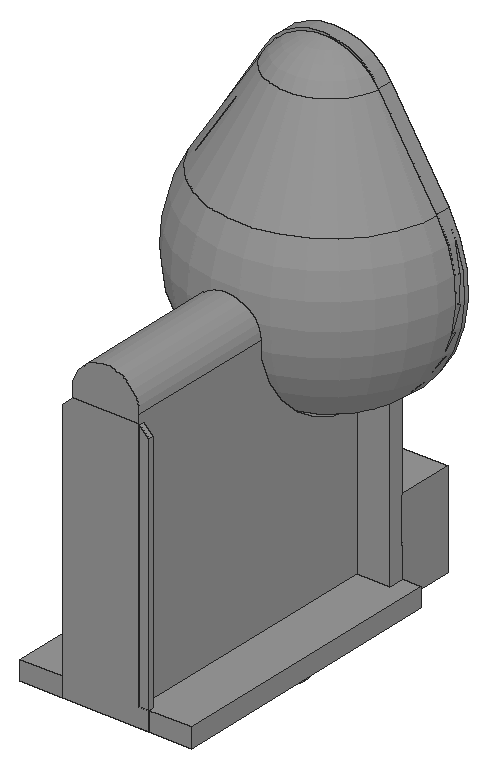
Revit family "Toilet-Willoughby-1490-ETW-FM-BS", category Plumbing Fixtures, host Face, Revit 2014
Parameters (values of type "Standard")
  Waste DIA = 2 1/2"
  Waste Connection = yes
  W-RAD [instance] = Waste DIA / 2  # 0' - 1 1/4"
  Vent Connection = no
  URL = "www.willoughby-ind.com"
  Type Comments = "Blow Out Flush"
  Revision = "A"
  Model = "ETW-1490-FM-BS"
  Manufacturer = "Willoughby Industries"
  HW Connection = no
  Flush inlet DIA = 1 1/2"
  Flush Inlet Connection = yes
  Fixture Body = Stainless Steel AISI 304-Willoughby
  F-RAD [instance] = Flush inlet DIA / 2  # 0' - 0 3/4"
  Description = "Floor Mounted Toilet"
  Default Elevation = 0' - 0"
  Contact Number = "(800) 428-4065"
  CW Connection = no
Reference planes (in)
  plane 1 "Base": y = -16.25
  plane 2: z = 0
  plane 3 "Center": x = 18.31072
  plane 4 "Waste height": y = -4.75
  plane 5: y = -1.25
  plane 6: z = -6.75
  plane 7: y = -2.125
  plane 8: y = -14.0625
  plane 9: y = 0.5
  plane 10: x = 16.56072
  plane 11: x = 20.06072
  plane 12: x = 11.56072
  plane 13: x = 25.06072
Forms (in)
  Extrusion 1, solid, material "Stainless Steel AISI 304-Willoughby" <- "Fixture Body"
    sketch origin (16.08109, 7.47968, -7.1422) x (-1, 0, 0) y (0, 0, -1)
      loop
        line (1.29775, -16.80087) -> (1.29775, -7.1422) -> (-5.72963, -7.1422) -> (-5.72963, -16.81676)
        arc (-5.72963, -16.81676) -> (-8.98136, -21.11843) -> (-8.21015, -26.45542) r 7
        line (-8.21015, -26.45542) -> (-5.16818, -31.31054)
        arc (-5.16818, -31.31054) -> (-2.20225, -32.95225) -> (0.76368, -31.31054) r 3.5
        line (0.76368, -31.31054) -> (3.80565, -26.45542)
        arc (3.80565, -26.45542) -> (4.5729, -21.10311) -> (1.29775, -16.80087) r 7
      loop
        arc (2.03989, -24.70557) -> (-2.20225, -18.23804) -> (-6.44438, -24.70557) r 4.625
        line (-6.44438, -24.70557) -> (-4.04125, -30.23842)
        arc (-4.04125, -30.23842) -> (-2.20225, -31.45225) -> (-0.36324, -30.23842) r 2
        line (-0.36324, -30.23842) -> (2.03989, -24.70557)
    from 8.72968 to 9.5
  Revolve 2, solid, material "Stainless Steel AISI 304-Willoughby" <- "Fixture Body"
    sketch origin (19.37246, -1.52032, -3.93826) x (-1, 0, 0) y (0, 0, -1)
      loop
        line (1.06174, -12.59906) -> (1.06174, -12.84906)
        arc (1.06174, -12.84906) -> (6.96784, -16.33096) -> (6.78077, -23.18447) r 6.75
        line (6.78077, -23.18447) -> (3.81535, -27.91457)
        arc (3.81535, -27.91457) -> (2.63527, -29.03194) -> (1.06174, -29.43826) r 3.25
        line (1.06174, -29.43826) -> (1.06174, -29.68826)
        arc (1.06174, -29.68826) -> (2.75672, -29.25045) -> (4.02767, -28.04656) r 3.5
        line (4.02767, -28.04656) -> (7.06964, -23.19143)
        arc (7.06964, -23.19143) -> (7.15052, -16.14555) -> (1.06174, -12.59906) r 7
      axis (1.06174, -12.59906) -> (1.06174, -29.68826)
    angle from 0 to -180
  Extrusion 3, solid, material "Stainless Steel AISI 304-Willoughby" <- "Fixture Body"
    sketch origin (19.53334, -3.02032, -4.9508) x (0, 1, 0) y (0, 0, 1)
      loop
        line (-5.27082, 4.9508) -> (1, 4.9508) -> (1, 13.76086)
        arc (1, 13.76086) -> (-2.93256, 15.26109) -> (-5.27082, 18.76086) r 6.92744
        line (-5.27082, 18.76086) -> (-5.27082, 4.9508)
    from 0.52738 to -2.97262
  Extrusion 4, solid, material "Stainless Steel AISI 304-Willoughby" <- "Fixture Body"
    sketch origin (0, 14.59309, -3) x (1, 0, 0) y (0, 1, 0)
      loop
        circle (18.31072, -19.34309) r 1.25
    from 5.5 to 0
  Extrusion 5, solid, material "Stainless Steel AISI 304-Willoughby" <- "Fixture Body"
    sketch origin (18.31072, 0, -1) x (0, 1, 0) y (0, 0, 1)
      loop
        line (-1.25, 1) -> (1.75, 1) -> (1.75, 6) -> (-1.25, 6) -> (-1.25, 1)
    from -3.52738 to 3.5
  Extrusion 6, solid, material "Stainless Steel AISI 304-Willoughby" <- "Fixture Body"
    sketch origin (0, 0, 0) x (1, 0, 0) y (0, 1, 0)
      loop
        circle (18.31072, 0.5) r 0.75
    from 0 to 1
  Extrusion 7, solid, material "Stainless Steel AISI 304-Willoughby" <- "Fixture Body"
    sketch origin (0, -16.25, 0) x (1, 0, 0) y (0, 0, 1)
      loop
        line (22.81072, 0) -> (22.81072, 1) -> (13.81072, 1) -> (13.81072, 0) -> (22.81072, 0)
    from -15 to 0
  Extrusion 8, solid, material "Stainless Steel AISI 304-Willoughby" <- "Fixture Body"
    sketch origin (0, -16.25, 0) x (1, 0, 0) y (0, 0, 1)
      loop
        line (20.06072, 0) -> (20.06072, 14.68252)
        arc (20.06072, 14.68252) -> (18.31072, 16.43252) -> (16.56072, 14.68252) r 1.75
        line (16.56072, 14.68252) -> (16.56072, 0) -> (20.06072, 0)
    from 0 to -7.95886
  Extrusion 9, solid, material "Stainless Steel AISI 304-Willoughby" <- "Fixture Body"
    sketch origin (0, -16.25, 0) x (1, 0, 0) y (0, 0, 1)
      loop
        line (20.06072, 0) -> (20.56072, 0) -> (20.56072, 13.75) -> (20.06072, 14.25) -> (16.56072, 14.25) -> (16.06072, 13.75) -> (16.06072, 0) -> (16.56072, 0) -> (20.06072, 0)
    from 0 to -0.25
Cuts and joins
  joined: Extrusion 3, Extrusion 5, Extrusion 7, Extrusion 8
Lines and regions (in)
  symbolic lines
    curve 1: line (13.81072, -16.25, 0) -> (13.81072, -1.25, 0)
    curve 2: line (22.81072, -16.25, 0) -> (22.81072, -1.25, 0)
    curve 3: line (13.81072, -16.25, 0) -> (22.81072, -16.25, 0)
    curve 4: line (11.28334, -2.02032, 0) -> (11.28334, -1.25, 0)
    curve 5: line (11.28334, -1.25, 0) -> (25.28334, -1.25, 0)
    curve 6: line (25.28334, -1.25, 0) -> (25.28334, -2.02032, 0)
    curve 7: line (14.78334, -1.25, 0) -> (14.78334, 1.75, 0)
    curve 8: line (14.78334, 1.75, 0) -> (21.81072, 1.75, 0)
    curve 9: line (21.81072, 1.75, 0) -> (21.81072, -1.25, 0)
    curve 10: arc (25.28334, -2.02032, 0) -> (23.08185, -6.64916, 0) -> (18.31072, -8.52239, 0) r 6.97293
    curve 11: arc (18.31072, -8.52239, 0) -> (13.52793, -6.64299, 0) -> (11.28334, -2.02032, 0) r 7.06571
    curve 12: line (16.56072, -8.2982, 0) -> (16.56072, -16.25, 0)
    curve 13: line (20.06072, -16.25, 0) -> (20.06072, -8.30327, 0)
    curve 18: line (13.81072, -16.25, 0) -> (22.81072, -16.25, 0)
    curve 19: line (22.81072, -16.25, 0) -> (22.81072, -16.25, 1)
    curve 20: line (22.81072, -16.25, 1) -> (21.81072, -16.25, 1)
    curve 21: line (21.81072, -16.25, 0) -> (21.81072, -16.25, 9.67456)
    curve 22: line (14.78334, -16.25, 0) -> (14.78334, -16.25, 9.65867)
    curve 23: line (14.78334, -16.25, 1) -> (13.81072, -16.25, 1)
    curve 24: line (13.81072, -16.25, 1) -> (13.81072, -16.25, 0)
    curve 25: line (21.81072, -16.25, 5) -> (14.78334, -16.25, 5)
    curve 26: arc (21.81072, -16.25, 9.67456) -> (25.06245, -16.25, 13.97624) -> (24.29124, -16.25, 19.31322) r 7
    curve 27: line (24.29124, -16.25, 19.31322) -> (21.24927, -16.25, 24.16835)
    curve 28: arc (21.24927, -16.25, 24.16835) -> (19.98923, -16.25, 25.34792) -> (18.31072, -16.25, 25.75) r 3.37397
    curve 29: arc (18.31072, -16.25, 25.75) -> (16.62783, -16.25, 25.31163) -> (15.31741, -16.25, 24.16835) r 3.79331
    curve 30: line (15.31741, -16.25, 24.16835) -> (12.35249, -16.25, 19.43905)
    curve 31: arc (12.35249, -16.25, 19.43905) -> (11.49002, -16.25, 14.03241) -> (14.78334, -16.25, 9.65867) r 7
    curve 37: line (18.31072, -8.45513, 16.43593) -> (18.31072, -16.25, 16.43593)
    curve 38: line (18.31072, -16.25, 16.43593) -> (18.31072, -16.25, 0)
    curve 39: line (18.31072, -16.25, 0) -> (18.31072, 1.75, 0)
    curve 40: line (18.31072, 1.75, 0) -> (18.31072, 1.75, 5)
    curve 41: line (18.31072, 1.75, 5) -> (18.31072, -1.25, 5)
    curve 42: line (18.31072, -1.25, 5) -> (18.31072, -1.25, 25.81005)
    curve 43: line (18.31072, -1.25, 25.81005) -> (18.31072, -2.02032, 25.81005)
    curve 44: arc (18.31072, -2.02032, 25.81005) -> (18.31072, -3.17426, 25.3587) -> (18.31072, -4.14211, 24.58504) r 4.1253
    curve 45: line (18.31072, -4.14211, 24.58504) -> (18.31072, -7.52822, 19.25317)
    curve 46: arc (18.31072, -7.52822, 19.25317) -> (18.31072, -8.16721, 17.9023) -> (18.31072, -8.45513, 16.43593) r 6.04234
    curve 47: arc (18.31072, -8.45513, 16.43593) -> (18.31072, -8.2983, 15.12766) -> (18.31072, -8.29114, 13.81005) r 11.57712
    curve 48: arc (18.31072, -8.29114, 13.81005) -> (18.31072, -5.95289, 10.31029) -> (18.31072, -2.02032, 8.81005) r 6.92744
    curve 49: line (18.31072, -1.25, 9.65867) -> (18.31072, -2.02032, 9.65867)
    curve 50: line (18.31072, -2.02032, 9.65867) -> (18.31072, -2.02032, 1)
    curve 51: line (18.31072, -2.02032, 1) -> (18.31072, -16.25, 1)
  symbolic lines, detail levels medium+fine
    curve 14: line (20.06072, -16, 0) -> (20.56072, -16, 0)
    curve 15: line (20.56072, -16, 0) -> (20.56072, -16.25, 0)
    curve 16: line (16.56072, -16, 0) -> (16.06072, -16, 0)
    curve 17: line (16.06072, -16, 0) -> (16.06072, -16.25, 0)
  symbolic lines, detail levels fine
    curve 32: arc (14.0412, -16.25, 17.56337) -> (18.28334, -16.25, 11.09585) -> (22.52547, -16.25, 17.56337) r 4.625
    curve 33: line (22.52547, -16.25, 17.56337) -> (20.12234, -16.25, 23.09622)
    curve 34: arc (20.12234, -16.25, 23.09622) -> (19.38317, -16.25, 23.97635) -> (18.28334, -16.25, 24.31005) r 2.01767
    curve 35: arc (18.28334, -16.25, 24.31005) -> (17.17969, -16.25, 23.98213) -> (16.44433, -16.25, 23.09622) r 1.9827
    curve 36: line (16.44433, -16.25, 23.09622) -> (14.0412, -16.25, 17.56337)
Dimensions and locks (in)
  locked: plane 1 "Base" to plane 4 "Waste height" at 11.5
  locked: plane 1 "Base" to plane 5 at 15
  locked: plane 1 "Base" to plane 9 at 16.75
  locked: cut or joined group of Extrusion 3, Extrusion 5, Extrusion 7, Extrusion 8 to cut or joined group of Extrusion 3, Extrusion 5, Extrusion 7, Extrusion 8 at 9
  "W-RAD": radius of Extrusion 4 sketch curve
  "F-RAD": radius of Extrusion 6 sketch curve
  aligned and locked: plane 2 to host face
  aligned and locked: level to host face
  aligned and locked: plane 3 "Center" to Extrusion 4 sketch curve
  aligned and locked: plane 4 "Waste height" to Extrusion 4 sketch curve
  aligned and locked: plane 9 to Extrusion 6 sketch curve
  aligned and locked: plane 3 "Center" to Extrusion 6 sketch curve
  aligned and locked: cut or joined group of Extrusion 3, Extrusion 5, Extrusion 7, Extrusion 8 to Extrusion 1
Automatic sketch dimensions
  host sketch curve to host sketch curve = 3' - 1.13155"
  host sketch curve to host sketch curve = 2' - 10.84193"
  Extrusion 1 sketch curve to Extrusion 1 sketch curve = 0' - 0"  (x8)
  Extrusion 1 sketch curve to level = 0' - 0"
  plane 3 "Center" to Extrusion 1 sketch curve = 0' - 5.98052"
  Extrusion 1 sketch curve to Extrusion 1 sketch curve = 0' - 1.76576"  (x2)
  plane 3 "Center" to Extrusion 1 sketch curve = 0' - 3 1/2"
  plane 3 "Center" to Extrusion 1 sketch curve = 0' - 2.93855"
  Extrusion 1 sketch curve to Extrusion 1 sketch curve = 0' - 1.12693"  (x2)
  Extrusion 1 sketch curve to plane 3 "Center" = 0' - 0.02738"  (x2)
  Extrusion 1 sketch curve to plane 3 "Center" = 0' - 1.86639"
  Extrusion 1 sketch curve to plane 3 "Center" = 0' - 3.52738"
  Extrusion 1 sketch curve to plane 3 "Center" = 0' - 4 69/256"
  Extrusion 1 sketch curve to Extrusion 1 sketch curve = 0' - 9.65867"
  Extrusion 1 sketch curve to Extrusion 1 sketch curve = 0' - 0.01589"
  Extrusion 1 sketch curve to Extrusion 1 sketch curve = 0' - 6.06218"
  Extrusion 1 sketch curve to Extrusion 1 sketch curve = 0' - 1.74985"
  Extrusion 1 sketch curve to Extrusion 1 sketch curve = 0' - 4.74668"
  Extrusion 1 sketch curve to Extrusion 1 sketch curve = 0' - 0.78617"
  Extrusion 1 sketch curve to Extrusion 1 sketch curve = 0' - 1.07212"
  Revolve 2 sketch curve to Revolve 2 sketch curve = 0' - 0"  (x2)
  Revolve 2 sketch curve to plane 3 "Center" = 0' - 0"  (x3)
  plane 3 "Center" to Revolve 2 sketch curve = 0' - 0"
  Revolve 2 sketch curve to plane 3 "Center" = 0' - 2.75361"
  Revolve 2 sketch curve to Revolve 2 sketch curve = 0' - 0.21232"
  Revolve 2 sketch curve to Revolve 2 sketch curve = 0' - 2.96542"
  Revolve 2 sketch curve to Revolve 2 sketch curve = 0' - 0.28887"
  level to Revolve 2 sketch curve = 2' - 1 3/4"
  Revolve 2 sketch curve to Revolve 2 sketch curve = 0' - 0 1/4"
  Revolve 2 sketch curve to Revolve 2 sketch curve = 0' - 1.3917"
  Revolve 2 sketch curve to Revolve 2 sketch curve = 0' - 0.13199"
  Revolve 2 sketch curve to Revolve 2 sketch curve = 0' - 4.85513"
  Revolve 2 sketch curve to Revolve 2 sketch curve = 0' - 0.00696"
  Revolve 2 sketch curve to Revolve 2 sketch curve = 0' - 3 1/4"
  Revolve 2 sketch curve to Revolve 2 sketch curve = 0' - 3.3392"
  Revolve 2 sketch curve to Revolve 2 sketch curve = 0' - 2.4108"
  Extrusion 3 sketch curve to level = 0' - 0"
  plane 4 "Waste height" to Extrusion 3 sketch curve = 0' - 3.54114"
  plane 7 to Extrusion 3 sketch curve = 0' - 0.10468"
  plane 5 to Extrusion 3 sketch curve = 0' - 0.38413"
  Extrusion 3 sketch curve to Extrusion 3 sketch curve = 0' - 8.81005"
  Extrusion 3 sketch curve to Extrusion 3 sketch curve = 0' - 5"
  Extrusion 5 sketch curve to level = 0' - 0"
  Extrusion 5 sketch curve to plane 5 = 0' - 0"
  Extrusion 5 sketch curve to plane 9 = 0' - 1 1/4"
  level to Extrusion 5 sketch curve = 0' - 5"
  Extrusion 7 sketch curve to level = 0' - 0"
  level to Extrusion 7 sketch curve = 0' - 1"
  plane 12 to Extrusion 7 sketch curve = 0' - 2 1/4"
  Extrusion 7 sketch curve to plane 13 = 0' - 2 1/4"
  Extrusion 8 sketch curve to level = 0' - 0"
  Extrusion 8 sketch curve to plane 11 = 0' - 0"
  level to Extrusion 8 sketch curve = 1' - 2.68252"
  plane 10 to Extrusion 8 sketch curve = 0' - 0"
  Extrusion 9 sketch curve to level = 0' - 0"
  Extrusion 9 sketch curve to plane 10 = 0' - 0"  (x2)
  Extrusion 9 sketch curve to plane 11 = 0' - 0"  (x2)
  Extrusion 9 sketch curve to Extrusion 9 sketch curve = 0' - 0 1/2"  (x2)
  plane 11 to Extrusion 9 sketch curve = 0' - 0 1/2"
  level to Extrusion 9 sketch curve = 1' - 1 3/4"
  Extrusion 9 sketch curve to Extrusion 9 sketch curve = 0' - 0"
  plane 5 to curve 5 = 0' - 0"
  plane 1 "Base" to curve 17 = 0' - 0"
  curve 16 to plane 10 = 0' - 0"
  curve 11 to plane 3 "Center" = 0' - 0"
  curve 10 to plane 3 "Center" = 0' - 0"
  curve 13 to plane 11 = 0' - 0"
  curve 8 to plane 10 = 0' - 1.77738"
  plane 12 to curve 1 = 0' - 2 1/4"
  plane 7 to curve 4 = 0' - 0.10468"
  curve 4 to plane 12 = 0' - 0.27738"
  plane 3 "Center" to curve 10 = 0' - 0 1/64"
  plane 3 "Center" to curve 11 = 0' - 0.01581"
  curve 14 to curve 14 = 0' - 0 1/2"
  plane 11 to curve 8 = 0' - 1 3/4"
  curve 3 to plane 13 = 0' - 2 1/4"
  curve 2 to curve 5 = 0' - 2.47262"
  curve 15 to curve 14 = 0' - 0 1/4"
  plane 7 to curve 6 = 0' - 0.10468"
  curve 8 to plane 9 = 0' - 1 1/4"
  curve 16 to plane 1 "Base" = 0' - 0 1/4"
  curve 16 to plane 10 = 0' - 0 1/2"
  curve 26 to curve 31 = 0' - 0"
  curve 26 to curve 32 = 0' - 0"  (x2)
  curve 31 to curve 32 = 0' - 0"
  curve 24 to level = 0' - 0"
  curve 28 to plane 3 "Center" = 0' - 0"
  curve 29 to plane 3 "Center" = 0' - 0"
  curve 32 to plane 3 "Center" = 0' - 0.02738"
  curve 35 to plane 3 "Center" = 0' - 0.03882"
  curve 34 to curve 35 = 0' - 0.0002"
  curve 30 to plane 10 = 0' - 1.24331"
  curve 22 to plane 10 = 0' - 1.77738"
  curve 18 to curve 22 = 0' - 0.97262"
  plane 12 to curve 30 = 0' - 0.79177"
  plane 3 "Center" to curve 28 = 0' - 0.07942"
  plane 3 "Center" to curve 29 = 0' - 0.08929"
  plane 11 to curve 33 = 0' - 0.06162"
  plane 11 to curve 27 = 0' - 1.18855"
  plane 11 to curve 21 = 0' - 1 3/4"
  plane 11 to curve 33 = 0' - 2.46475"
  curve 20 to curve 19 = 0' - 1"
  curve 27 to plane 13 = 0' - 0.76948"
  curve 18 to curve 19 = 0' - 1"
  curve 18 to curve 24 = 0' - 1"
  curve 23 to curve 22 = 0' - 8.65867"
  curve 22 to curve 21 = 0' - 0.01589"
  curve 22 to curve 31 = 0' - 6.06218"
  curve 33 to curve 26 = 0' - 1.74985"
  curve 33 to curve 29 = 0' - 4.39436"
  curve 29 to curve 34 = 0' - 0.33468"
  curve 34 to curve 35 = 0' - 0.03496"
  curve 35 to curve 28 = 0' - 0.04959"
  curve 33 to curve 27 = 0' - 1.07212"
  curve 35 to curve 34 = 0' - 0"
  curve 36 to plane 10 = 0' - 0.11639"
  plane 12 to curve 32 = 0' - 2 123/256"
  curve 20 to curve 25 = 0' - 4"
  curve 51 to plane 1 "Base" = 0' - 0"
  curve 42 to plane 5 = 0' - 0"
  curve 40 to level = 0' - 0"
  plane 1 "Base" to curve 47 = 0' - 3.6029"
  plane 4 "Waste height" to curve 37 = 0' - 3.70513"
  plane 4 "Waste height" to curve 45 = 0' - 2.77822"
  curve 45 to plane 4 "Waste height" = 0' - 0.60789"
  curve 46 to plane 7 = 0' - 0.30255"
  plane 7 to curve 43 = 0' - 0.10468"
  plane 7 to curve 49 = 0' - 0.10468"
  plane 5 to curve 48 = 0' - 0.38413"
  curve 44 to plane 5 = 0' - 0.13839"
  curve 41 to plane 9 = 0' - 1 1/4"
  level to curve 41 = 0' - 5"
  curve 41 to curve 50 = 0' - 4.65867"
  level to curve 47 = 1' - 2.40606"
  curve 49 to curve 48 = 0' - 6.06805"
  curve 48 to curve 46 = 0' - 0.28717"
  curve 47 to curve 38 = 0' - 2.02987"
  curve 46 to curve 44 = 0' - 5.7722"
  curve 44 to curve 45 = 0' - 2.79895"
  curve 47 to curve 48 = 0' - 0.16399"
  level to curve 51 = 0' - 1"
Connectors (in)
  piping at (18.31072, -4.75, -3), diameter 2.5, driven by "W-RAD", driven by "Waste Connection"
    settings: on Extrusion 4, index 1, connector inside diameter 2 1/2", connector length 0' - 0", flow factor 0, pipe flow 0 GPM, pressure drop 0.00 psi, fitting loss kfactor 0, connector angle 0.00°, fixture units 0, engagement length 0' - 0", angle of deflection 0.00°, flow configuration 0, flow direction 2, fitting loss method 0, system type 16, joint type 0, gender type 0, connector reference index -1, connector utility 1, adjustable connector yes, is connector primary yes, connector description "Toilet Waste"
  piping at (18.31072, 0.5, 1), diameter 1.5, driven by "F-RAD", driven by "Flush Inlet Connection"
    settings: on Extrusion 6, index 2, connector inside diameter 1 1/2", connector length 0' - 0", flow factor 0, pipe flow 0 GPM, pressure drop 0.00 psi, fitting loss kfactor 0, connector angle 0.00°, fixture units 0, engagement length 0' - 0", angle of deflection 0.00°, flow configuration 0, flow direction 1, fitting loss method 0, system type 20, joint type 0, gender type 0, connector reference index -1, connector utility 1, adjustable connector no, is connector primary no, connector description "Flush Inlet"
